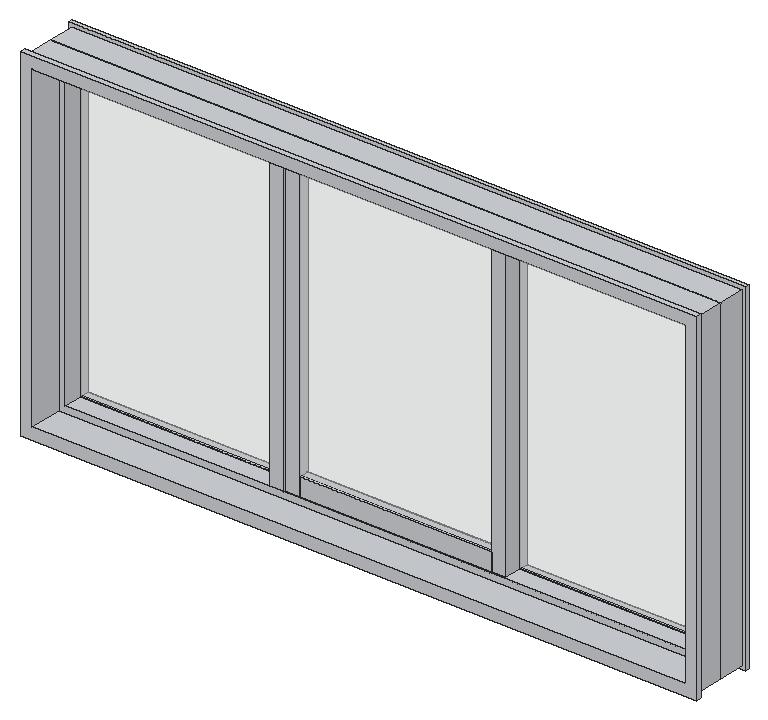
Revit family "APL Residential Thermal Heart Sliding Window FSF", category Windows, host Wall, Revit 2017 (continued)
Definition of nested family "APL Residential Thermal Heart Sliding Window FSF Vertical Section"
  Definition of nested family "Two Panel Sill"
    Dimensions and locks
      locked: nested 3 to nested 1 at 17.5
      locked: nested 3 to nested 2 at 3.06
    Nested families
      nested 1: "65596_Track" at (9.171, 14.2, 0), type "65596_Track", in view "Ref. Level"
      nested 2: "65380_Frame Sill" at (-87.029, 0, 0), type "65380_Frame Sill", in view "Ref. Level"
      nested 3: "65460_Door Top And Window Rail" at (-13.589, 105.5, 0), type "65460_Door Top And Window Rail", in view "Ref. Level"
    Definition of nested family "65596_Track"
      Reference planes
        plane 1 "Center (Front/Back)": y = 0
        plane 2: z = 0
        plane 3 "Center (Left/Right)": x = 0
      Lines and regions (mm)
        detail lines, in view "Ref. Level"
          curve 1: arc (-1.2, 1.8, 0) -> (-1.059, 1.859, 0) -> (-1, 2, 0) r 0.2
          curve 2: arc (-1, 22.438, 0) -> (-1.623, 23.888, 0) -> (-3.105, 24.435, 0) r 2
          curve 3: arc (-17.186, 23.697, 0) -> (-17.523, 23.542, 0) -> (-17.66, 23.198, 0) r 0.5
          curve 4: arc (-17.66, 18.846, 0) -> (-18.14, 16.435, 0) -> (-19.505, 14.392, 0) r 6.3
          curve 5: arc (-21.85, 12.046, 0) -> (-22.77, 12.046, 0) -> (-22.77, 12.966, 0) r 0.65
          curve 6: arc (-20.424, 15.311, 0) -> (-19.341, 16.933, 0) -> (-18.96, 18.846, 0) r 5
          curve 7: arc (-18.96, 24.932, 0) -> (-18.823, 25.276, 0) -> (-18.486, 25.431, 0) r 0.5
          curve 8: arc (-2.589, 26.264, 0) -> (-2.456, 26.325, 0) -> (-2.399, 26.459, 0) r 0.2
          curve 9: arc (-2.399, 26.459, 0) -> (0, 28.8, 0) -> (2.399, 26.459, 0) r 2.4
          curve 10: arc (2.399, 26.459, 0) -> (2.456, 26.325, 0) -> (2.589, 26.264, 0) r 0.2
          curve 11: arc (6.566, 26.056, 0) -> (6.903, 25.901, 0) -> (7.04, 25.557, 0) r 0.5
          curve 12: arc (7.04, 18.846, 0) -> (7.421, 16.933, 0) -> (8.504, 15.311, 0) r 5
          curve 13: arc (10.85, 12.966, 0) -> (10.85, 12.046, 0) -> (9.93, 12.046, 0) r 0.65
          curve 14: arc (7.585, 14.392, 0) -> (6.22, 16.435, 0) -> (5.74, 18.846, 0) r 6.3
          curve 15: arc (5.74, 23.822, 0) -> (5.603, 24.166, 0) -> (5.266, 24.322, 0) r 0.5
          curve 16: arc (3.105, 24.435, 0) -> (1.623, 23.888, 0) -> (1, 22.438, 0) r 2
          curve 17: arc (1, 2, 0) -> (1.059, 1.859, 0) -> (1.2, 1.8, 0) r 0.2
          curve 18: arc (10.59, 0, 0) -> (10.449, 0.059, 0) -> (10.39, 0.2, 0) r 0.2
          curve 19: arc (10.39, 1.6, 0) -> (10.331, 1.741, 0) -> (10.19, 1.8, 0) r 0.2
          curve 20: arc (-8.81, 1.8, 0) -> (-8.951, 1.741, 0) -> (-9.01, 1.6, 0) r 0.2
          curve 21: arc (-9.01, -1.3, 0) -> (-8.951, -1.441, 0) -> (-8.81, -1.5, 0) r 0.2
          curve 22: arc (-7.41, -1.5, 0) -> (-7.269, -1.441, 0) -> (-7.21, -1.3, 0) r 0.2
          curve 23: arc (-7.21, -0.2, 0) -> (-7.151, -0.059, 0) -> (-7.01, 0, 0) r 0.2
          curve 24: arc (8.715, 0, 0) -> (9.001, -0.089, 0) -> (9.185, -0.325, 0) r 0.5
          curve 25: arc (9.185, -0.325, 0) -> (9.735, -1.032, 0) -> (10.59, -1.3, 0) r 1.5
          curve 26: arc (11.89, -1.3, 0) -> (12.597, -1.007, 0) -> (12.89, -0.3, 0) r 1
          curve 27: arc (12.89, -0.2, 0) -> (12.831, -0.059, 0) -> (12.69, 0, 0) r 0.2
          curve 28: line (1, 6.8, 0) -> (-1, 6.8, 0)
          curve 29: line (-1, 2, 0) -> (-1, 22.438, 0)
          curve 30: line (-3.105, 24.435, 0) -> (-17.186, 23.697, 0)
          curve 31: line (-17.66, 23.198, 0) -> (-17.66, 18.846, 0)
          curve 32: line (-19.505, 14.392, 0) -> (-21.85, 12.046, 0)
          curve 33: line (-22.77, 12.966, 0) -> (-20.424, 15.311, 0)
          curve 34: line (-18.96, 18.846, 0) -> (-18.96, 24.932, 0)
          curve 35: line (-18.486, 25.431, 0) -> (-2.589, 26.264, 0)
          curve 36: line (2.589, 26.264, 0) -> (6.566, 26.056, 0)
          curve 37: line (7.04, 25.557, 0) -> (7.04, 18.846, 0)
          curve 38: line (8.504, 15.311, 0) -> (10.85, 12.966, 0)
          curve 39: line (9.93, 12.046, 0) -> (7.585, 14.392, 0)
          curve 40: line (5.74, 18.846, 0) -> (5.74, 23.822, 0)
          curve 41: line (5.266, 24.322, 0) -> (3.105, 24.435, 0)
          curve 42: line (1, 22.438, 0) -> (1, 2, 0)
          curve 43: line (10.39, 0.2, 0) -> (10.39, 1.6, 0)
          curve 44: line (10.19, 1.8, 0) -> (-8.81, 1.8, 0)
          curve 45: line (-9.01, 1.6, 0) -> (-9.01, -1.3, 0)
          curve 46: line (-8.81, -1.5, 0) -> (-7.41, -1.5, 0)
          curve 47: line (-7.21, -1.3, 0) -> (-7.21, -0.2, 0)
          curve 48: line (-7.01, 0, 0) -> (8.715, 0, 0)
          curve 49: line (10.59, -1.3, 0) -> (11.89, -1.3, 0)
          curve 50: line (12.69, 0, 0) -> (10.59, 0, 0)
      Text (mm)
        text "65596" at (20.379, 15.04, 0), in view "Ref. Level"
    Definition of nested family "65380_Frame Sill"
      Reference planes
        plane 1 "Center (Front/Back)": y = 0
        plane 2: z = 0
        plane 3 "Center (Left/Right)": x = 0
      Lines and regions (mm)
        detail lines, in view "Ref. Level"
          curve 1: line (64.2, 16.468, 0) -> (65.701, 16.468, 0)
          curve 2: line (64.2, 22.468, 0) -> (65.7, 22.468, 0)
          curve 3: line (27.5, 8.7, 0) -> (29.442, 8.7, 0)
          curve 4: line (27.5, 14.7, 0) -> (29.4, 14.7, 0)
          curve 5: line (13.3, 8.6, 0) -> (15.2, 8.6, 0)
          curve 6: line (13.3, 14.6, 0) -> (15.2, 14.6, 0)
          curve 7: arc (10.8, 6.498, 0) -> (11.356, 7.843, 0) -> (12.7, 8.4, 0) r 1.9
          curve 8: arc (13.1, 8.4, 0) -> (13.241, 8.459, 0) -> (13.3, 8.6, 0) r 0.2
          curve 9: arc (13.3, 15.4, 0) -> (13.241, 15.542, 0) -> (13.1, 15.6, 0) r 0.2
          curve 10: arc (11, 15.6, 0) -> (10.859, 15.659, 0) -> (10.8, 15.8, 0) r 0.2
          curve 11: arc (10.8, 16.283, 0) -> (10.741, 16.425, 0) -> (10.6, 16.483, 0) r 0.2
          curve 12: arc (1.9, 16.483, 0) -> (1.546, 16.337, 0) -> (1.4, 15.983, 0) r 0.5
          curve 13: arc (1.4, 2.245, 0) -> (1.521, 1.632, 0) -> (1.869, 1.111, 0) r 1.6
          curve 14: arc (6.387, -3.407, 0) -> (6.711, -3.624, 0) -> (7.094, -3.7, 0) r 1
          curve 15: arc (9.8, -3.7, 0) -> (10.507, -3.407, 0) -> (10.8, -2.7, 0) r 1
          curve 16: arc (1.665, 23.622, 0) -> (1.729, 23.522, 0) -> (1.725, 23.403, 0) r 0.2
          curve 17: arc (1.725, 23.403, 0) -> (1.621, 23.234, 0) -> (1.453, 23.127, 0) r 0.45
          curve 18: arc (1.453, 23.127, 0) -> (1.357, 23.053, 0) -> (1.322, 22.936, 0) r 0.2
          curve 19: arc (1.379, 18.081, 0) -> (1.438, 17.941, 0) -> (1.579, 17.883, 0) r 0.2
          curve 20: arc (10.6, 17.883, 0) -> (10.741, 17.942, 0) -> (10.8, 18.083, 0) r 0.2
          curve 21: arc (10.8, 22.172, 0) -> (10.773, 22.272, 0) -> (10.7, 22.346, 0) r 0.2
          curve 22: arc (9.6, 22.981, 0) -> (9.38, 23.2, 0) -> (9.3, 23.5, 0) r 0.6
          curve 23: arc (9.3, 23.8, 0) -> (9.359, 23.942, 0) -> (9.5, 24, 0) r 0.2
          curve 24: arc (13.617, 24, 0) -> (13.922, 23.801, 0) -> (14.195, 24.043, 0) r 0.3
          curve 25: arc (14.195, 24.043, 0) -> (14.261, 24.181, 0) -> (14.387, 24.269, 0) r 0.3
          curve 26: arc (15.797, 24.782, 0) -> (16.083, 24.738, 0) -> (16.199, 24.474, 0) r 0.3
          curve 27: arc (15.992, 22.109, 0) -> (15.965, 22.008, 0) -> (15.905, 21.923, 0) r 0.3
          curve 28: arc (15.541, 21.559, 0) -> (15.348, 21.507, 0) -> (15.207, 21.648, 0) r 0.2
          curve 29: arc (15.162, 21.816, 0) -> (15.11, 21.905, 0) -> (15.021, 21.957, 0) r 0.2
          curve 30: arc (12.8, 22.5, 0) -> (12.52, 22.307, 0) -> (12.6, 21.977, 0) r 0.3
          curve 31: arc (12.6, 21.977, 0) -> (12.674, 21.875, 0) -> (12.7, 21.753, 0) r 0.3
          curve 32: arc (12.506, 17.75, 0) -> (12.542, 17.578, 0) -> (12.7, 17.5, 0) r 0.2
          curve 33: arc (13.221, 17.5, 0) -> (13.302, 17.511, 0) -> (13.377, 17.544, 0) r 0.3
          curve 34: arc (14.631, 18.309, 0) -> (14.628, 18.479, 0) -> (14.734, 18.611, 0) r 0.25
          curve 35: arc (14.82, 18.664, 0) -> (15.072, 18.668, 0) -> (15.2, 18.45, 0) r 0.25
          curve 36: arc (15.2, 8.6, 0) -> (15.259, 8.459, 0) -> (15.4, 8.4, 0) r 0.2
          curve 37: arc (16.479, 8.4, 0) -> (16.643, 8.315, 0) -> (16.667, 8.132, 0) r 0.2
          curve 38: arc (15.775, 5.682, 0) -> (15.702, 5.586, 0) -> (15.587, 5.55, 0) r 0.2
          curve 39: arc (15.353, 5.55, 0) -> (15.248, 5.52, 0) -> (15.174, 5.439, 0) r 0.2
          curve 40: arc (15.174, 5.439, 0) -> (15.019, 5.31, 0) -> (14.82, 5.337, 0) r 0.25
          curve 41: arc (14.734, 5.389, 0) -> (14.628, 5.521, 0) -> (14.631, 5.691, 0) r 0.25
          curve 42: arc (13.377, 6.456, 0) -> (13.302, 6.489, 0) -> (13.221, 6.5, 0) r 0.3
          curve 43: arc (12.7, 6.5, 0) -> (12.542, 6.423, 0) -> (12.506, 6.25, 0) r 0.2
          curve 44: arc (12.7, 2.247, 0) -> (12.674, 2.125, 0) -> (12.6, 2.024, 0) r 0.3
          curve 45: arc (12.6, 2.024, 0) -> (12.52, 1.693, 0) -> (12.8, 1.5, 0) r 0.3
          curve 46: arc (15.021, 2.043, 0) -> (15.11, 2.095, 0) -> (15.162, 2.185, 0) r 0.2
          curve 47: arc (15.207, 2.352, 0) -> (15.348, 2.493, 0) -> (15.541, 2.442, 0) r 0.2
          curve 48: arc (15.905, 2.078, 0) -> (15.965, 1.993, 0) -> (15.992, 1.892, 0) r 0.3
          curve 49: arc (16.199, -0.474, 0) -> (16.083, -0.738, 0) -> (15.797, -0.782, 0) r 0.3
          curve 50: arc (14.387, -0.268, 0) -> (14.261, -0.181, 0) -> (14.195, -0.043, 0) r 0.3
          curve 51: arc (14.195, -0.043, 0) -> (13.922, 0.199, 0) -> (13.617, 0, 0) r 0.3
          curve 52: arc (12.6, 0, 0) -> (12.459, -0.058, 0) -> (12.4, -0.2, 0) r 0.2
          curve 53: arc (12.4, -2.696, 0) -> (11.64, -4.537, 0) -> (9.8, -5.3, 0) r 2.6
          curve 54: arc (7.9, -5.3, 0) -> (7.547, -5.446, 0) -> (7.4, -5.8, 0) r 0.5
          curve 55: arc (7.4, -13.402, 0) -> (7.508, -13.581, 0) -> (7.716, -13.566, 0) r 0.2
          curve 56: arc (7.716, -13.566, 0) -> (8.721, -13.692, 0) -> (8.684, -14.705, 0) r 0.75
          curve 57: arc (8.684, -14.705, 0) -> (8.15, -16.005, 0) -> (8.684, -17.305, 0) r 1.85
          curve 58: arc (8.684, -17.305, 0) -> (8.794, -17.447, 0) -> (8.867, -17.611, 0) r 0.75
          curve 59: arc (8.867, -17.611, 0) -> (8.97, -17.795, 0) -> (9.14, -17.921, 0) r 0.5
          curve 60: arc (9.14, -17.921, 0) -> (10, -18.105, 0) -> (10.86, -17.921, 0) r 2.1
          curve 61: arc (10.86, -17.921, 0) -> (11.03, -17.795, 0) -> (11.133, -17.611, 0) r 0.5
          curve 62: arc (11.133, -17.611, 0) -> (11.206, -17.447, 0) -> (11.316, -17.305, 0) r 0.75
          curve 63: arc (11.316, -17.305, 0) -> (11.85, -16.005, 0) -> (11.316, -14.705, 0) r 1.85
          curve 64: arc (11.316, -14.705, 0) -> (11.323, -13.644, 0) -> (12.384, -13.651, 0) r 0.75
          curve 65: arc (12.384, -13.651, 0) -> (13.348, -15.881, 0) -> (12.551, -18.176, 0) r 3.35
          curve 66: arc (12.551, -18.176, 0) -> (12.478, -18.71, 0) -> (12.932, -19, 0) r 0.5
          curve 67: arc (13.15, -19, 0) -> (13.291, -19.058, 0) -> (13.35, -19.2, 0) r 0.2
          curve 68: arc (13.35, -19.5, 0) -> (13.204, -19.853, 0) -> (12.85, -20, 0) r 0.5
          curve 69: arc (7, -20, 0) -> (6.293, -19.707, 0) -> (6, -19, 0) r 1
          curve 70: arc (6, -6.242, 0) -> (5.772, -5.094, 0) -> (5.121, -4.121, 0) r 3
          curve 71: arc (0.879, 0.122, 0) -> (0.228, 1.095, 0) -> (0, 2.243, 0) r 3
          curve 72: arc (0, 23.8, 0) -> (0.059, 23.942, 0) -> (0.2, 24, 0) r 0.2
          curve 73: line (10.8, -2.7, 0) -> (10.8, 6.498, 0)
          curve 74: line (12.7, 8.4, 0) -> (13.1, 8.4, 0)
          curve 75: line (13.1, 15.6, 0) -> (11, 15.6, 0)
          curve 76: line (10.8, 15.8, 0) -> (10.8, 16.283, 0)
          curve 77: line (10.6, 16.483, 0) -> (1.9, 16.483, 0)
          curve 78: line (1.4, 15.983, 0) -> (1.4, 2.245, 0)
          curve 79: line (1.869, 1.111, 0) -> (6.387, -3.407, 0)
          curve 80: line (7.094, -3.7, 0) -> (9.8, -3.7, 0)
          curve 81: line (1.322, 22.936, 0) -> (1.379, 18.081, 0)
          curve 82: line (1.579, 17.883, 0) -> (10.6, 17.883, 0)
          curve 83: line (10.8, 18.083, 0) -> (10.8, 22.172, 0)
          curve 84: line (10.7, 22.346, 0) -> (9.6, 22.981, 0)
          curve 85: line (9.3, 23.5, 0) -> (9.3, 23.8, 0)
          curve 86: line (9.5, 24, 0) -> (13.617, 24, 0)
          curve 87: line (14.387, 24.269, 0) -> (15.797, 24.782, 0)
          curve 88: line (16.199, 24.474, 0) -> (15.992, 22.109, 0)
          curve 89: line (15.905, 21.923, 0) -> (15.541, 21.559, 0)
          curve 90: line (15.207, 21.648, 0) -> (15.162, 21.816, 0)
          curve 91: line (15.021, 21.957, 0) -> (13.032, 22.49, 0)
          curve 92: line (12.7, 21.753, 0) -> (12.7, 18.526, 0)
          curve 93: line (12.7, 18.5, 0) -> (12.506, 17.75, 0)
          curve 94: line (12.7, 17.5, 0) -> (13.221, 17.5, 0)
          curve 95: line (13.377, 17.544, 0) -> (14.631, 18.309, 0)
          curve 96: line (15.2, 18.45, 0) -> (15.2, 16.875, 0)
          curve 97: line (15.2, 16.875, 0) -> (15.2, 8.6, 0)
          curve 98: line (15.2, 8.6, 0) -> (13.3, 8.6, 0)
          curve 99: line (13.3, 8.6, 0) -> (13.3, 15.4, 0)
          curve 100: line (15.4, 8.4, 0) -> (16.479, 8.4, 0)
          curve 101: line (16.667, 8.132, 0) -> (15.775, 5.682, 0)
          curve 102: line (15.587, 5.55, 0) -> (15.353, 5.55, 0)
          curve 103: line (14.631, 5.691, 0) -> (13.377, 6.456, 0)
          curve 104: line (13.221, 6.5, 0) -> (12.7, 6.5, 0)
          curve 105: line (12.506, 6.25, 0) -> (12.7, 5.5, 0)
          curve 106: line (12.7, 5.475, 0) -> (12.7, 2.247, 0)
          curve 107: line (13.032, 1.51, 0) -> (15.021, 2.043, 0)
          curve 108: line (15.162, 2.185, 0) -> (15.207, 2.352, 0)
          curve 109: line (15.541, 2.442, 0) -> (15.905, 2.078, 0)
          curve 110: line (15.992, 1.892, 0) -> (16.199, -0.474, 0)
          curve 111: line (15.797, -0.782, 0) -> (14.387, -0.268, 0)
          curve 112: line (13.617, 0, 0) -> (12.6, 0, 0)
          curve 113: line (12.4, -0.2, 0) -> (12.4, -2.696, 0)
          curve 114: line (9.8, -5.3, 0) -> (7.9, -5.3, 0)
          curve 115: line (7.4, -5.8, 0) -> (7.4, -13.402, 0)
          curve 116: line (12.932, -19, 0) -> (13.15, -19, 0)
          curve 117: line (13.35, -19.2, 0) -> (13.35, -19.5, 0)
          curve 118: line (12.85, -20, 0) -> (7, -20, 0)
          curve 119: line (6, -19, 0) -> (6, -6.242, 0)
          curve 120: line (5.121, -4.121, 0) -> (0.879, 0.122, 0)
          curve 121: line (0, 2.243, 0) -> (0, 23.8, 0)
          curve 122: line (0.2, 24, 0) -> (1.141, 24, 0)
          curve 123: line (1.269, 23.953, 0) -> (1.665, 23.622, 0)
          curve 124: line (13.3, 14.6, 0) -> (15.2, 14.6, 0)
          curve 125: arc (64.2, 16.468, 0) -> (64.076, 16.138, 0) -> (63.765, 15.972, 0) r 0.5
          curve 126: arc (63.765, 15.972, 0) -> (62.349, 15.442, 0) -> (61.309, 14.343, 0) r 3.35
          curve 127: arc (61.309, 14.343, 0) -> (61.577, 13.317, 0) -> (62.604, 13.585, 0) r 0.75
          curve 128: arc (62.604, 13.585, 0) -> (63.721, 14.437, 0) -> (65.115, 14.258, 0) r 1.85
          curve 129: arc (65.115, 14.258, 0) -> (65.281, 14.189, 0) -> (65.459, 14.161, 0) r 0.75
          curve 130: arc (65.459, 14.161, 0) -> (65.663, 14.108, 0) -> (65.828, 13.977, 0) r 0.5
          curve 131: arc (65.828, 13.977, 0) -> (66.3, 12.65, 0) -> (65.828, 11.324, 0) r 2.1
          curve 132: arc (65.828, 11.324, 0) -> (65.663, 11.192, 0) -> (65.459, 11.14, 0) r 0.5
          curve 133: arc (65.459, 11.14, 0) -> (65.281, 11.112, 0) -> (65.115, 11.042, 0) r 0.75
          curve 134: arc (65.115, 11.042, 0) -> (64.2, 10.8, 0) -> (63.285, 11.042, 0) r 1.85
          curve 135: arc (63.285, 11.042, 0) -> (62.738, 11.119, 0) -> (62.286, 10.8, 0) r 0.75
          curve 136: arc (39.189, 9.622, 0) -> (38.199, 9.316, 0) -> (37.363, 8.704, 0) r 3.126
          curve 137: arc (37.363, 8.704, 0) -> (37.013, 8.479, 0) -> (36.605, 8.4, 0) r 1.1
          curve 138: arc (29.901, 8.4, 0) -> (29.547, 8.546, 0) -> (29.4, 8.9, 0) r 0.5
          curve 139: arc (29.4, 22, 0) -> (29.546, 22.354, 0) -> (29.9, 22.5, 0) r 0.5
          curve 140: arc (44.4, 22.5, 0) -> (45.602, 22.998, 0) -> (46.1, 24.2, 0) r 1.7
          curve 141: arc (46.147, 35.534, 0) -> (46.409, 35.986, 0) -> (46.5, 36.5, 0) r 1.5
          curve 142: arc (46.5, 41.1, 0) -> (46.646, 41.454, 0) -> (47, 41.6, 0) r 0.5
          curve 143: arc (65.699, 41.6, 0) -> (66.053, 41.454, 0) -> (66.2, 41.1, 0) r 0.5
          curve 144: arc (66.2, 32, 0) -> (65.978, 30.526, 0) -> (65.33, 29.183, 0) r 5
          curve 145: arc (65.33, 29.183, 0) -> (64.489, 27.436, 0) -> (64.2, 25.519, 0) r 6.5
          curve 146: arc (27.317, 8.501, 0) -> (27.447, 8.565, 0) -> (27.5, 8.7, 0) r 0.2
          curve 147: arc (23.754, 8.189, 0) -> (23.602, 8.097, 0) -> (23.583, 7.922, 0) r 0.2
          curve 148: arc (24.399, 5.679, 0) -> (24.668, 5.392, 0) -> (25.06, 5.388, 0) r 0.5
          curve 149: arc (25.06, 5.388, 0) -> (25.211, 5.303, 0) -> (25.38, 5.337, 0) r 0.25
          curve 150: arc (25.466, 5.389, 0) -> (25.572, 5.521, 0) -> (25.569, 5.691, 0) r 0.25
          curve 151: arc (26.823, 6.456, 0) -> (26.898, 6.489, 0) -> (26.979, 6.5, 0) r 0.3
          curve 152: arc (27.5, 6.5, 0) -> (27.658, 6.423, 0) -> (27.694, 6.25, 0) r 0.2
          curve 153: arc (27.5, 2.247, 0) -> (27.526, 2.125, 0) -> (27.6, 2.024, 0) r 0.3
          curve 154: arc (27.6, 2.024, 0) -> (27.68, 1.693, 0) -> (27.4, 1.5, 0) r 0.3
          curve 155: arc (25.179, 2.043, 0) -> (25.09, 2.095, 0) -> (25.038, 2.185, 0) r 0.2
          curve 156: arc (24.993, 2.352, 0) -> (24.852, 2.493, 0) -> (24.659, 2.442, 0) r 0.2
          curve 157: arc (24.295, 2.078, 0) -> (24.235, 1.993, 0) -> (24.208, 1.892, 0) r 0.3
          curve 158: arc (24.001, -0.474, 0) -> (24.117, -0.738, 0) -> (24.403, -0.782, 0) r 0.3
          curve 159: arc (25.813, -0.268, 0) -> (25.939, -0.181, 0) -> (26.005, -0.043, 0) r 0.3
          curve 160: arc (26.005, -0.043, 0) -> (26.278, 0.199, 0) -> (26.583, 0, 0) r 0.3
          curve 161: arc (28.9, 0, 0) -> (29.254, 0.147, 0) -> (29.4, 0.5, 0) r 0.5
          curve 162: arc (29.4, 6.1, 0) -> (29.546, 6.454, 0) -> (29.9, 6.6, 0) r 0.499
          curve 163: arc (37.767, 6.6, 0) -> (38.931, 6.835, 0) -> (39.913, 7.503, 0) r 2.996
          curve 164: arc (39.913, 7.503, 0) -> (40.232, 7.731, 0) -> (40.611, 7.831, 0) r 1.1
          curve 165: arc (68.1, 8.9, 0) -> (68.241, 8.842, 0) -> (68.3, 8.7, 0) r 0.2
          curve 166: arc (68.3, 0.5, 0) -> (68.446, 0.147, 0) -> (68.8, 0, 0) r 0.5
          curve 167: arc (71.117, 0, 0) -> (71.422, 0.199, 0) -> (71.695, -0.043, 0) r 0.3
          curve 168: arc (71.695, -0.043, 0) -> (71.761, -0.181, 0) -> (71.887, -0.268, 0) r 0.3
          curve 169: arc (73.297, -0.782, 0) -> (73.583, -0.738, 0) -> (73.699, -0.474, 0) r 0.3
          curve 170: arc (73.492, 1.892, 0) -> (73.465, 1.993, 0) -> (73.405, 2.078, 0) r 0.3
          curve 171: arc (73.041, 2.442, 0) -> (72.848, 2.493, 0) -> (72.707, 2.352, 0) r 0.2
          curve 172: arc (72.662, 2.185, 0) -> (72.61, 2.095, 0) -> (72.521, 2.043, 0) r 0.2
          curve 173: arc (70.3, 1.5, 0) -> (70.02, 1.693, 0) -> (70.1, 2.024, 0) r 0.3
          curve 174: arc (70.1, 2.024, 0) -> (70.174, 2.125, 0) -> (70.2, 2.247, 0) r 0.3
          curve 175: arc (70.006, 6.25, 0) -> (70.042, 6.423, 0) -> (70.2, 6.5, 0) r 0.2
          curve 176: arc (70.721, 6.5, 0) -> (70.802, 6.489, 0) -> (70.877, 6.456, 0) r 0.3
          curve 177: arc (72.131, 5.691, 0) -> (72.128, 5.521, 0) -> (72.234, 5.389, 0) r 0.25
          curve 178: arc (72.32, 5.337, 0) -> (72.572, 5.332, 0) -> (72.7, 5.55, 0) r 0.25
          curve 179: arc (72.7, 7.124, 0) -> (72.618, 7.522, 0) -> (72.385, 7.854, 0) r 1
          curve 180: arc (72.385, 7.854, 0) -> (72.322, 8, 0) -> (72.385, 8.146, 0) r 0.2
          curve 181: arc (72.385, 8.146, 0) -> (72.618, 8.478, 0) -> (72.7, 8.875, 0) r 1
          curve 182: arc (72.7, 10.449, 0) -> (72.573, 10.668, 0) -> (72.32, 10.664, 0) r 0.25
          curve 183: arc (72.234, 10.612, 0) -> (72.128, 10.479, 0) -> (72.131, 10.309, 0) r 0.25
          curve 184: arc (70.877, 9.544, 0) -> (70.802, 9.511, 0) -> (70.721, 9.5, 0) r 0.3
          curve 185: arc (70.2, 9.5, 0) -> (70.042, 9.578, 0) -> (70.006, 9.75, 0) r 0.2
          curve 186: arc (70.2, 13.754, 0) -> (70.174, 13.876, 0) -> (70.1, 13.977, 0) r 0.3
          curve 187: arc (70.1, 13.977, 0) -> (70.02, 14.307, 0) -> (70.3, 14.5, 0) r 0.3
          curve 188: arc (72.521, 13.957, 0) -> (72.61, 13.905, 0) -> (72.662, 13.816, 0) r 0.2
          curve 189: arc (72.707, 13.648, 0) -> (72.848, 13.507, 0) -> (73.041, 13.559, 0) r 0.2
          curve 190: arc (73.405, 13.923, 0) -> (73.465, 14.008, 0) -> (73.492, 14.109, 0) r 0.3
          curve 191: arc (73.699, 16.474, 0) -> (73.583, 16.738, 0) -> (73.297, 16.782, 0) r 0.3
          curve 192: arc (71.887, 16.269, 0) -> (71.761, 16.181, 0) -> (71.695, 16.043, 0) r 0.3
          curve 193: arc (71.695, 16.043, 0) -> (71.422, 15.801, 0) -> (71.117, 16, 0) r 0.3
          curve 194: arc (66.201, 16, 0) -> (65.847, 16.146, 0) -> (65.7, 16.5, 0) r 0.5
          curve 195: arc (65.7, 25.519, 0) -> (65.922, 26.994, 0) -> (66.57, 28.337, 0) r 5
          curve 196: arc (66.57, 28.337, 0) -> (67.411, 30.083, 0) -> (67.7, 32, 0) r 6.5
          curve 197: arc (67.7, 33.1, 0) -> (67.759, 33.242, 0) -> (67.9, 33.3, 0) r 0.2
          curve 198: arc (69.3, 33.3, 0) -> (69.441, 33.242, 0) -> (69.5, 33.1, 0) r 0.2
          curve 199: arc (69.5, 32.8, 0) -> (70, 32.299, 0) -> (70.5, 32.8, 0) r 0.5
          curve 200: arc (70.5, 35.351, 0) -> (69.999, 35.85, 0) -> (69.5, 35.35, 0) r 0.5
          curve 201: arc (69.5, 34.5, 0) -> (69.441, 34.359, 0) -> (69.3, 34.3, 0) r 0.2
          curve 202: arc (67.9, 34.3, 0) -> (67.759, 34.359, 0) -> (67.7, 34.5, 0) r 0.2
          curve 203: arc (67.7, 41.8, 0) -> (67.759, 41.942, 0) -> (67.9, 42, 0) r 0.2
          curve 204: arc (69.3, 42, 0) -> (69.441, 41.942, 0) -> (69.5, 41.8, 0) r 0.2
          curve 205: arc (69.5, 40.95, 0) -> (70, 40.449, 0) -> (70.5, 40.95, 0) r 0.5
          curve 206: arc (70.5, 42.499, 0) -> (70.354, 42.853, 0) -> (70, 43, 0) r 0.5
          curve 207: arc (42.7, 43, 0) -> (42.559, 42.942, 0) -> (42.5, 42.8, 0) r 0.2
          curve 208: arc (42.5, 41.25, 0) -> (43, 40.75, 0) -> (43.5, 41.25, 0) r 0.5
          curve 209: arc (43.5, 41.8, 0) -> (43.559, 41.942, 0) -> (43.7, 42, 0) r 0.2
          curve 210: arc (44.8, 42, 0) -> (44.941, 41.942, 0) -> (45, 41.8, 0) r 0.2
          curve 211: arc (45, 36.7, 0) -> (44.941, 36.559, 0) -> (44.8, 36.5, 0) r 0.2
          curve 212: arc (43.7, 36.5, 0) -> (43.559, 36.559, 0) -> (43.5, 36.7, 0) r 0.2
          curve 213: arc (43.5, 37.25, 0) -> (43, 37.749, 0) -> (42.5, 37.25, 0) r 0.5
          curve 214: arc (42.5, 36.5, 0) -> (42.793, 35.793, 0) -> (43.5, 35.5, 0) r 1
          curve 215: arc (44.395, 35.5, 0) -> (44.539, 35.443, 0) -> (44.6, 35.3, 0) r 0.202
          curve 216: arc (44.6, 24.2, 0) -> (44.538, 24.058, 0) -> (44.395, 24, 0) r 0.205
          curve 217: arc (26.583, 24, 0) -> (26.278, 23.801, 0) -> (26.005, 24.043, 0) r 0.3
          curve 218: arc (26.005, 24.043, 0) -> (25.939, 24.181, 0) -> (25.813, 24.269, 0) r 0.3
          curve 219: arc (24.403, 24.782, 0) -> (24.117, 24.738, 0) -> (24.001, 24.474, 0) r 0.3
          curve 220: arc (24.208, 22.109, 0) -> (24.235, 22.008, 0) -> (24.295, 21.923, 0) r 0.3
          curve 221: arc (24.659, 21.559, 0) -> (24.852, 21.507, 0) -> (24.993, 21.648, 0) r 0.2
          curve 222: arc (25.038, 21.816, 0) -> (25.09, 21.905, 0) -> (25.179, 21.957, 0) r 0.2
          curve 223: arc (27.4, 22.5, 0) -> (27.68, 22.307, 0) -> (27.6, 21.977, 0) r 0.3
          curve 224: arc (27.6, 21.977, 0) -> (27.526, 21.875, 0) -> (27.5, 21.753, 0) r 0.3
          curve 225: arc (27.694, 17.75, 0) -> (27.658, 17.578, 0) -> (27.5, 17.5, 0) r 0.2
          curve 226: arc (26.979, 17.5, 0) -> (26.898, 17.511, 0) -> (26.823, 17.544, 0) r 0.3
          curve 227: arc (25.569, 18.309, 0) -> (25.572, 18.479, 0) -> (25.466, 18.612, 0) r 0.25
          curve 228: arc (25.38, 18.664, 0) -> (25.128, 18.668, 0) -> (25, 18.45, 0) r 0.25
          curve 229: arc (25, 16.875, 0) -> (25.128, 16.385, 0) -> (25.479, 16.021, 0) r 1
          curve 230: line (64.2, 22.468, 0) -> (65.7, 22.468, 0)
          curve 231: line (62.286, 10.8, 0) -> (53.629, 10.8, 0)
          curve 232: line (53.629, 10.8, 0) -> (39.189, 9.622, 0)
          curve 233: line (36.605, 8.4, 0) -> (29.901, 8.4, 0)
          curve 234: line (29.4, 8.9, 0) -> (29.4, 22, 0)
          curve 235: line (29.9, 22.5, 0) -> (44.4, 22.5, 0)
          curve 236: line (46.1, 24.2, 0) -> (46.1, 35.405, 0)
          curve 237: line (46.5, 36.5, 0) -> (46.5, 41.1, 0)
          curve 238: line (47, 41.6, 0) -> (65.699, 41.6, 0)
          curve 239: line (66.2, 41.1, 0) -> (66.2, 32, 0)
          curve 240: line (64.2, 25.519, 0) -> (64.2, 16.468, 0)
          curve 241: line (64.2, 16.468, 0) -> (65.701, 16.468, 0)
          curve 242: line (27.5, 14.7, 0) -> (29.4, 14.7, 0)
          curve 243: line (27.317, 8.501, 0) -> (23.754, 8.189, 0)
          curve 244: line (23.583, 7.922, 0) -> (24.399, 5.679, 0)
          curve 245: line (25.569, 5.691, 0) -> (26.823, 6.456, 0)
          curve 246: line (26.979, 6.5, 0) -> (27.5, 6.5, 0)
          curve 247: line (27.694, 6.25, 0) -> (27.5, 5.5, 0)
          curve 248: line (27.5, 5.475, 0) -> (27.5, 2.247, 0)
          curve 249: line (27.168, 1.51, 0) -> (25.179, 2.043, 0)
          curve 250: line (25.038, 2.185, 0) -> (24.993, 2.352, 0)
          curve 251: line (24.659, 2.442, 0) -> (24.295, 2.078, 0)
          curve 252: line (24.208, 1.892, 0) -> (24.001, -0.474, 0)
          curve 253: line (24.403, -0.782, 0) -> (25.813, -0.268, 0)
          curve 254: line (26.583, 0, 0) -> (28.9, 0, 0)
          curve 255: line (29.4, 0.5, 0) -> (29.4, 6.1, 0)
          curve 256: line (29.9, 6.6, 0) -> (33.5, 6.6, 0)
          curve 257: line (33.5, 6.6, 0) -> (33.9, 7, 0)
          curve 258: line (33.9, 7, 0) -> (34.3, 6.6, 0)
          curve 259: line (34.3, 6.6, 0) -> (37.767, 6.6, 0)
          curve 260: line (40.611, 7.831, 0) -> (53.707, 8.9, 0)
          curve 261: line (53.707, 8.9, 0) -> (58.307, 8.9, 0)
          curve 262: line (58.307, 8.9, 0) -> (58.707, 9.3, 0)
          curve 263: line (58.707, 9.3, 0) -> (59.107, 8.9, 0)
          curve 264: line (59.107, 8.9, 0) -> (68.1, 8.9, 0)
          curve 265: line (68.3, 8.7, 0) -> (68.3, 0.5, 0)
          curve 266: line (68.8, 0, 0) -> (71.117, 0, 0)
          curve 267: line (71.887, -0.268, 0) -> (73.297, -0.782, 0)
          curve 268: line (73.699, -0.474, 0) -> (73.492, 1.892, 0)
          curve 269: line (73.405, 2.078, 0) -> (73.041, 2.442, 0)
          curve 270: line (72.707, 2.352, 0) -> (72.662, 2.185, 0)
          curve 271: line (72.521, 2.043, 0) -> (70.532, 1.51, 0)
          curve 272: line (70.2, 2.247, 0) -> (70.2, 5.475, 0)
          curve 273: line (70.2, 5.5, 0) -> (70.006, 6.25, 0)
          curve 274: line (70.2, 6.5, 0) -> (70.721, 6.5, 0)
          curve 275: line (70.877, 6.456, 0) -> (72.131, 5.691, 0)
          curve 276: line (72.7, 5.55, 0) -> (72.7, 7.124, 0)
          curve 277: line (72.7, 8.875, 0) -> (72.7, 10.449, 0)
          curve 278: line (72.131, 10.309, 0) -> (70.877, 9.544, 0)
          curve 279: line (70.721, 9.5, 0) -> (70.2, 9.5, 0)
          curve 280: line (70.006, 9.75, 0) -> (70.2, 10.5, 0)
          curve 281: line (70.2, 10.526, 0) -> (70.2, 13.753, 0)
          curve 282: line (70.532, 14.49, 0) -> (72.521, 13.957, 0)
          curve 283: line (72.662, 13.816, 0) -> (72.707, 13.648, 0)
          curve 284: line (73.041, 13.559, 0) -> (73.405, 13.923, 0)
          curve 285: line (73.492, 14.109, 0) -> (73.699, 16.474, 0)
          curve 286: line (73.297, 16.782, 0) -> (71.887, 16.269, 0)
          curve 287: line (71.117, 16, 0) -> (66.201, 16, 0)
          curve 288: line (65.7, 16.5, 0) -> (65.7, 25.519, 0)
          curve 289: line (67.7, 32, 0) -> (67.7, 33.1, 0)
          curve 290: line (67.9, 33.3, 0) -> (69.3, 33.3, 0)
          curve 291: line (69.5, 33.1, 0) -> (69.5, 32.8, 0)
          curve 292: line (70.5, 32.8, 0) -> (70.5, 35.351, 0)
          curve 293: line (69.5, 35.35, 0) -> (69.5, 34.5, 0)
          curve 294: line (69.3, 34.3, 0) -> (67.9, 34.3, 0)
          curve 295: line (67.7, 34.5, 0) -> (67.7, 41.8, 0)
          curve 296: line (67.9, 42, 0) -> (69.3, 42, 0)
          curve 297: line (69.5, 41.8, 0) -> (69.5, 40.95, 0)
          curve 298: line (70.5, 40.95, 0) -> (70.5, 42.499, 0)
          curve 299: line (70, 43, 0) -> (42.7, 43, 0)
          curve 300: line (42.5, 42.8, 0) -> (42.5, 41.25, 0)
          curve 301: line (43.5, 41.25, 0) -> (43.5, 41.8, 0)
          curve 302: line (43.7, 42, 0) -> (44.8, 42, 0)
          curve 303: line (45, 41.8, 0) -> (45, 36.7, 0)
          curve 304: line (44.8, 36.5, 0) -> (43.7, 36.5, 0)
          curve 305: line (43.5, 36.7, 0) -> (43.5, 37.25, 0)
          curve 306: line (42.5, 37.25, 0) -> (42.5, 36.5, 0)
          curve 307: line (43.5, 35.5, 0) -> (44.395, 35.5, 0)
          curve 308: line (44.6, 35.3, 0) -> (44.6, 24.2, 0)
          curve 309: line (44.395, 24, 0) -> (34.3, 24, 0)
          curve 310: line (34.3, 24, 0) -> (33.9, 23.6, 0)
          curve 311: line (33.9, 23.6, 0) -> (33.5, 24, 0)
          curve 312: line (33.5, 24, 0) -> (26.583, 24, 0)
          curve 313: line (25.813, 24.269, 0) -> (24.403, 24.782, 0)
          curve 314: line (24.001, 24.474, 0) -> (24.208, 22.109, 0)
          curve 315: line (24.295, 21.923, 0) -> (24.659, 21.559, 0)
          curve 316: line (24.993, 21.648, 0) -> (25.038, 21.816, 0)
          curve 317: line (25.179, 21.957, 0) -> (27.168, 22.49, 0)
          curve 318: line (27.5, 21.753, 0) -> (27.5, 18.526, 0)
          curve 319: line (27.5, 18.5, 0) -> (27.694, 17.75, 0)
          curve 320: line (27.5, 17.5, 0) -> (26.979, 17.5, 0)
          curve 321: line (26.823, 17.544, 0) -> (25.569, 18.309, 0)
          curve 322: line (25, 18.45, 0) -> (25, 16.875, 0)
          curve 323: line (25.479, 16.021, 0) -> (26.284, 15.53, 0)
          curve 324: line (26.389, 15.5, 0) -> (27.5, 15.5, 0)
          curve 325: line (27.5, 15.5, 0) -> (27.5, 8.7, 0)
          curve 326: line (27.5, 8.7, 0) -> (29.442, 8.7, 0)
          curve 327: arc (113.4, 35.877, 0) -> (113.327, 35.95, 0) -> (113.3, 36.05, 0) r 0.2
          curve 328: arc (113.3, 40.25, 0) -> (113.327, 40.35, 0) -> (113.4, 40.423, 0) r 0.2
          curve 329: arc (113.4, 40.423, 0) -> (113.473, 40.497, 0) -> (113.5, 40.597, 0) r 0.2
          curve 330: arc (113.5, 41.8, 0) -> (113.441, 41.942, 0) -> (113.3, 42, 0) r 0.2
          curve 331: arc (111.701, 42, 0) -> (111.559, 41.942, 0) -> (111.5, 41.8, 0) r 0.2
          curve 332: arc (111.5, 40.95, 0) -> (111, 40.451, 0) -> (110.5, 40.95, 0) r 0.5
          curve 333: arc (110.5, 42.5, 0) -> (110.646, 42.854, 0) -> (111, 43, 0) r 0.499
          curve 334: arc (114.5, 43, 0) -> (114.847, 42.848, 0) -> (115, 42.5, 0) r 0.523
          curve 335: arc (115, 21.5, 0) -> (114.856, 21.145, 0) -> (114.5, 21, 0) r 0.493
          curve 336: arc (111.7, 21, 0) -> (111.558, 20.942, 0) -> (111.5, 20.8, 0) r 0.199
          curve 337: arc (111.5, 13.2, 0) -> (110.852, 11.56, 0) -> (109.258, 10.805, 0) r 2.399
          curve 338: arc (109.258, 10.805, 0) -> (108.878, 10.589, 0) -> (108.814, 10.156, 0) r 0.5
          curve 339: arc (108.814, 10.156, 0) -> (109, 8.953, 0) -> (108.816, 7.75, 0) r 4
          curve 340: arc (108.816, 7.75, 0) -> (108.89, 7.304, 0) -> (109.293, 7.1, 0) r 0.5
          curve 341: arc (109.5, 7.1, 0) -> (110.914, 6.514, 0) -> (111.5, 5.1, 0) r 2.001
          curve 342: arc (120.75, 1.5, 0) -> (121.501, 0.747, 0) -> (120.745, 0, 0) r 0.75
          curve 343: arc (111.5, 0, 0) -> (110.439, 0.44, 0) -> (110, 1.5, 0) r 1.5
          curve 344: arc (110, 5, 0) -> (109.941, 5.142, 0) -> (109.8, 5.2, 0) r 0.2
          curve 345: arc (100.5, 5.2, 0) -> (100.146, 5.347, 0) -> (100, 5.7, 0) r 0.5
          curve 346: arc (100, 6.2, 0) -> (100.146, 6.554, 0) -> (100.5, 6.7, 0) r 0.5
          curve 347: arc (101.927, 6.7, 0) -> (102.266, 6.833, 0) -> (102.426, 7.16, 0) r 0.5
          curve 348: arc (102.426, 7.16, 0) -> (102.912, 7.803, 0) -> (103.7, 7.634, 0) r 0.75
          curve 349: arc (103.7, 7.634, 0) -> (105, 7.1, 0) -> (106.3, 7.634, 0) r 1.85
          curve 350: arc (106.3, 7.634, 0) -> (106.442, 7.744, 0) -> (106.607, 7.817, 0) r 0.75
          curve 351: arc (106.607, 7.817, 0) -> (106.791, 7.92, 0) -> (106.916, 8.09, 0) r 0.5
          curve 352: arc (106.916, 8.09, 0) -> (107.1, 8.95, 0) -> (106.916, 9.81, 0) r 2.1
          curve 353: arc (106.916, 9.81, 0) -> (106.791, 9.98, 0) -> (106.607, 10.083, 0) r 0.5
          curve 354: arc (106.607, 10.083, 0) -> (106.442, 10.156, 0) -> (106.3, 10.267, 0) r 0.75
          curve 355: arc (106.3, 10.267, 0) -> (105, 10.8, 0) -> (103.7, 10.267, 0) r 1.85
          curve 356: arc (103.7, 10.267, 0) -> (103.027, 10.065, 0) -> (102.482, 10.509, 0) r 0.75
          curve 357: arc (102.482, 10.509, 0) -> (102.32, 10.716, 0) -> (102.075, 10.812, 0) r 0.5
          curve 358: arc (102.075, 10.812, 0) -> (101.154, 11.141, 0) -> (100.481, 11.85, 0) r 2.1
          curve 359: arc (100.481, 11.85, 0) -> (100.298, 12.033, 0) -> (100.048, 12.1, 0) r 0.5
          curve 360: arc (91.556, 12.1, 0) -> (91.287, 12.022, 0) -> (91.103, 11.812, 0) r 0.5
          curve 361: arc (91.103, 11.812, 0) -> (90.328, 10.929, 0) -> (89.2, 10.6, 0) r 2.1
          curve 362: arc (87.9, 10.6, 0) -> (87.193, 10.307, 0) -> (86.9, 9.6, 0) r 1
          curve 363: arc (86.9, 0.5, 0) -> (86.754, 0.147, 0) -> (86.4, 0, 0) r 0.5
          curve 364: arc (84.083, 0, 0) -> (83.778, 0.199, 0) -> (83.505, -0.043, 0) r 0.3
          curve 365: arc (83.505, -0.043, 0) -> (83.439, -0.181, 0) -> (83.313, -0.268, 0) r 0.3
          curve 366: arc (81.903, -0.782, 0) -> (81.617, -0.738, 0) -> (81.501, -0.474, 0) r 0.3
          curve 367: arc (81.708, 1.892, 0) -> (81.735, 1.993, 0) -> (81.795, 2.078, 0) r 0.3
          curve 368: arc (82.159, 2.442, 0) -> (82.352, 2.493, 0) -> (82.493, 2.352, 0) r 0.2
          curve 369: arc (82.538, 2.185, 0) -> (82.59, 2.095, 0) -> (82.679, 2.043, 0) r 0.2
          curve 370: arc (84.9, 1.5, 0) -> (85.18, 1.693, 0) -> (85.1, 2.024, 0) r 0.3
          curve 371: arc (85.1, 2.024, 0) -> (85.026, 2.125, 0) -> (85, 2.247, 0) r 0.3
          curve 372: arc (85.194, 6.25, 0) -> (85.158, 6.423, 0) -> (85, 6.5, 0) r 0.2
          curve 373: arc (84.479, 6.5, 0) -> (84.398, 6.489, 0) -> (84.323, 6.456, 0) r 0.3
          curve 374: arc (83.069, 5.691, 0) -> (83.072, 5.521, 0) -> (82.966, 5.389, 0) r 0.25
          curve 375: arc (82.88, 5.337, 0) -> (82.628, 5.332, 0) -> (82.5, 5.55, 0) r 0.25
          curve 376: arc (82.5, 7.126, 0) -> (82.582, 7.523, 0) -> (82.815, 7.854, 0) r 1
          curve 377: arc (82.815, 7.854, 0) -> (82.878, 8, 0) -> (82.815, 8.146, 0) r 0.2
          curve 378: arc (82.815, 8.146, 0) -> (82.582, 8.478, 0) -> (82.5, 8.875, 0) r 1
          curve 379: arc (82.5, 10.45, 0) -> (82.628, 10.668, 0) -> (82.88, 10.664, 0) r 0.25
          curve 380: arc (82.966, 10.612, 0) -> (83.072, 10.479, 0) -> (83.069, 10.309, 0) r 0.25
          curve 381: arc (84.323, 9.544, 0) -> (84.398, 9.511, 0) -> (84.479, 9.5, 0) r 0.3
          curve 382: arc (85, 9.5, 0) -> (85.158, 9.578, 0) -> (85.194, 9.75, 0) r 0.2
          curve 383: arc (85, 13.753, 0) -> (85.026, 13.875, 0) -> (85.1, 13.977, 0) r 0.3
          curve 384: arc (85.1, 13.977, 0) -> (85.18, 14.307, 0) -> (84.9, 14.5, 0) r 0.3
          curve 385: arc (82.679, 13.957, 0) -> (82.59, 13.905, 0) -> (82.538, 13.816, 0) r 0.2
          curve 386: arc (82.493, 13.648, 0) -> (82.352, 13.507, 0) -> (82.159, 13.559, 0) r 0.2
          curve 387: arc (81.795, 13.923, 0) -> (81.735, 14.008, 0) -> (81.708, 14.109, 0) r 0.3
          curve 388: arc (81.501, 16.474, 0) -> (81.617, 16.738, 0) -> (81.903, 16.782, 0) r 0.3
          curve 389: arc (83.313, 16.269, 0) -> (83.439, 16.181, 0) -> (83.505, 16.043, 0) r 0.3
          curve 390: arc (83.505, 16.043, 0) -> (83.778, 15.801, 0) -> (84.083, 16, 0) r 0.3
          curve 391: arc (86.7, 16, 0) -> (86.841, 15.942, 0) -> (86.9, 15.8, 0) r 0.2
          curve 392: arc (86.9, 12.7, 0) -> (86.959, 12.559, 0) -> (87.1, 12.5, 0) r 0.2
          curve 393: arc (89.2, 12.5, 0) -> (89.341, 12.559, 0) -> (89.4, 12.7, 0) r 0.2
          curve 394: arc (89.4, 13.8, 0) -> (89.459, 13.942, 0) -> (89.6, 14, 0) r 0.2
          curve 395: arc (101.9, 14, 0) -> (102.042, 13.942, 0) -> (102.1, 13.8, 0) r 0.2
          curve 396: arc (102.1, 12.9, 0) -> (102.159, 12.759, 0) -> (102.3, 12.7, 0) r 0.2
          curve 397: arc (109.1, 12.7, 0) -> (109.454, 12.847, 0) -> (109.6, 13.2, 0) r 0.5
          curve 398: arc (109.6, 14.5, 0) -> (109.541, 14.642, 0) -> (109.4, 14.7, 0) r 0.2
          curve 399: arc (107.3, 14.7, 0) -> (107.159, 14.759, 0) -> (107.1, 14.9, 0) r 0.2
          curve 400: arc (107.1, 15.8, 0) -> (107.159, 15.942, 0) -> (107.3, 16, 0) r 0.2
          curve 401: arc (109.5, 16, 0) -> (109.854, 16.147, 0) -> (110, 16.5, 0) r 0.5
          curve 402: arc (110, 22.8, 0) -> (110.146, 23.154, 0) -> (110.5, 23.3, 0) r 0.5
          curve 403: arc (111.3, 23.3, 0) -> (111.441, 23.242, 0) -> (111.5, 23.1, 0) r 0.2
          curve 404: arc (113.3, 22.3, 0) -> (113.441, 22.359, 0) -> (113.5, 22.5, 0) r 0.2
          curve 405: arc (113.5, 27.4, 0) -> (113.1, 27.8, 0) -> (113.5, 28.2, 0) r 0.4
          curve 406: arc (113.5, 33.1, 0) -> (113.441, 33.242, 0) -> (113.3, 33.3, 0) r 0.2
          curve 407: arc (111.5, 32.7, 0) -> (111.383, 32.418, 0) -> (111.1, 32.3, 0) r 0.4
          curve 408: arc (111, 32.3, 0) -> (110.646, 32.447, 0) -> (110.5, 32.8, 0) r 0.5
          curve 409: arc (110.5, 35.35, 0) -> (111, 35.85, 0) -> (111.5, 35.35, 0) r 0.5
          curve 410: arc (111.5, 34.5, 0) -> (111.559, 34.359, 0) -> (111.7, 34.3, 0) r 0.2
          curve 411: arc (113.3, 34.3, 0) -> (113.441, 34.359, 0) -> (113.5, 34.5, 0) r 0.2
          curve 412: line (113.3, 36.05, 0) -> (113.3, 40.25, 0)
          curve 413: line (113.5, 40.597, 0) -> (113.5, 41.8, 0)
          curve 414: line (113.3, 42, 0) -> (111.701, 42, 0)
          curve 415: line (111.5, 41.8, 0) -> (111.5, 40.95, 0)
          curve 416: line (110.5, 40.95, 0) -> (110.5, 42.5, 0)
          curve 417: line (111, 43, 0) -> (114.5, 43, 0)
          curve 418: line (115, 42.5, 0) -> (115, 21.5, 0)
          curve 419: line (114.5, 21, 0) -> (111.7, 21, 0)
          curve 420: line (111.5, 20.8, 0) -> (111.5, 13.2, 0)
          curve 421: line (109.293, 7.1, 0) -> (109.5, 7.1, 0)
          curve 422: line (111.5, 5.1, 0) -> (111.5, 1.5, 0)
          curve 423: line (111.5, 1.5, 0) -> (120.75, 1.5, 0)
          curve 424: line (120.745, 0, 0) -> (119, 0, 0)
          curve 425: line (119, 0, 0) -> (118.6, 0.4, 0)
          curve 426: line (118.6, 0.4, 0) -> (112.3, 0.4, 0)
          curve 427: line (112.3, 0.4, 0) -> (111.9, 0, 0)
          curve 428: line (111.9, 0, 0) -> (111.5, 0, 0)
          curve 429: line (110, 1.5, 0) -> (110, 5, 0)
          curve 430: line (109.8, 5.2, 0) -> (100.5, 5.2, 0)
          curve 431: line (100, 5.7, 0) -> (100, 6.2, 0)
          curve 432: line (100.5, 6.7, 0) -> (101.927, 6.7, 0)
          curve 433: line (100.048, 12.1, 0) -> (91.556, 12.1, 0)
          curve 434: line (89.2, 10.6, 0) -> (87.9, 10.6, 0)
          curve 435: line (86.9, 9.6, 0) -> (86.9, 0.5, 0)
          curve 436: line (86.4, 0, 0) -> (84.083, 0, 0)
          curve 437: line (83.313, -0.268, 0) -> (81.903, -0.782, 0)
          curve 438: line (81.501, -0.474, 0) -> (81.708, 1.892, 0)
          curve 439: line (81.795, 2.078, 0) -> (82.159, 2.442, 0)
          curve 440: line (82.493, 2.352, 0) -> (82.538, 2.185, 0)
          curve 441: line (82.679, 2.043, 0) -> (84.668, 1.51, 0)
          curve 442: line (85, 2.247, 0) -> (85, 5.475, 0)
          curve 443: line (85, 5.5, 0) -> (85.194, 6.25, 0)
          curve 444: line (85, 6.5, 0) -> (84.479, 6.5, 0)
          curve 445: line (84.323, 6.456, 0) -> (83.069, 5.691, 0)
          curve 446: line (82.5, 5.55, 0) -> (82.5, 7.126, 0)
          curve 447: line (82.5, 8.875, 0) -> (82.5, 10.45, 0)
          curve 448: line (83.069, 10.309, 0) -> (84.323, 9.544, 0)
          curve 449: line (84.479, 9.5, 0) -> (85, 9.5, 0)
          curve 450: line (85.194, 9.75, 0) -> (85, 10.5, 0)
          curve 451: line (85, 10.526, 0) -> (85, 13.753, 0)
          curve 452: line (84.668, 14.49, 0) -> (82.679, 13.957, 0)
          curve 453: line (82.538, 13.816, 0) -> (82.493, 13.648, 0)
          curve 454: line (82.159, 13.559, 0) -> (81.795, 13.923, 0)
          curve 455: line (81.708, 14.109, 0) -> (81.501, 16.474, 0)
          curve 456: line (81.903, 16.782, 0) -> (83.313, 16.269, 0)
          curve 457: line (84.083, 16, 0) -> (86.7, 16, 0)
          curve 458: line (86.9, 15.8, 0) -> (86.9, 12.7, 0)
          curve 459: line (87.1, 12.5, 0) -> (89.2, 12.5, 0)
          curve 460: line (89.4, 12.7, 0) -> (89.4, 13.8, 0)
          curve 461: line (89.6, 14, 0) -> (95.4, 14, 0)
          curve 462: line (95.4, 14, 0) -> (95.8, 13.6, 0)
          curve 463: line (95.8, 13.6, 0) -> (96.2, 14, 0)
          curve 464: line (96.2, 14, 0) -> (101.9, 14, 0)
          curve 465: line (102.1, 13.8, 0) -> (102.1, 12.9, 0)
          curve 466: line (102.3, 12.7, 0) -> (109.1, 12.7, 0)
          curve 467: line (109.6, 13.2, 0) -> (109.6, 14.5, 0)
          curve 468: line (109.4, 14.7, 0) -> (107.3, 14.7, 0)
          curve 469: line (107.1, 14.9, 0) -> (107.1, 15.8, 0)
          curve 470: line (107.3, 16, 0) -> (109.5, 16, 0)
          curve 471: line (110, 16.5, 0) -> (110, 22.8, 0)
          curve 472: line (110.5, 23.3, 0) -> (111.3, 23.3, 0)
          curve 473: line (111.5, 23.1, 0) -> (111.5, 22.3, 0)
          curve 474: line (111.5, 22.3, 0) -> (113.3, 22.3, 0)
          curve 475: line (113.5, 22.5, 0) -> (113.5, 27.4, 0)
          curve 476: line (113.5, 28.2, 0) -> (113.5, 33.1, 0)
          curve 477: line (113.3, 33.3, 0) -> (111.5, 33.3, 0)
          curve 478: line (111.5, 33.3, 0) -> (111.5, 32.7, 0)
          curve 479: line (110.5, 32.8, 0) -> (110.5, 35.35, 0)
          curve 480: line (111.5, 35.35, 0) -> (111.5, 34.5, 0)
          curve 481: line (111.7, 34.3, 0) -> (113.3, 34.3, 0)
          curve 482: line (113.5, 34.5, 0) -> (113.5, 35.704, 0)
          curve 483: arc (113.5, 35.704, 0) -> (113.473, 35.804, 0) -> (113.4, 35.877, 0) r 0.2
          curve 484: arc (12.7, 2.2, 0) -> (12.817, 1.917, 0) -> (13.1, 1.8, 0) r 0.4
          curve 485: arc (13.393, 1.8, 0) -> (13.496, 1.814, 0) -> (13.593, 1.854, 0) r 0.4
          curve 486: arc (15.121, 2.739, 0) -> (15.411, 2.859, 0) -> (15.722, 2.9, 0) r 1.2
          curve 487: arc (16.645, 2.9, 0) -> (17.218, 3.081, 0) -> (17.584, 3.558, 0) r 1
          curve 488: arc (18.377, 5.737, 0) -> (18.524, 5.928, 0) -> (18.753, 6, 0) r 0.4
          curve 489: arc (21.447, 6, 0) -> (21.676, 5.928, 0) -> (21.823, 5.737, 0) r 0.4
          curve 490: arc (22.616, 3.558, 0) -> (22.982, 3.081, 0) -> (23.555, 2.9, 0) r 1
          curve 491: arc (24.478, 2.9, 0) -> (24.789, 2.859, 0) -> (25.079, 2.739, 0) r 1.2
          curve 492: arc (26.607, 1.854, 0) -> (26.704, 1.814, 0) -> (26.807, 1.8, 0) r 0.4
          curve 493: arc (27.1, 1.8, 0) -> (27.383, 1.917, 0) -> (27.5, 2.2, 0) r 0.4
          curve 494: arc (27.5, 5.6, 0) -> (27.383, 5.883, 0) -> (27.1, 6, 0) r 0.4
          curve 495: arc (26.807, 6, 0) -> (26.704, 5.987, 0) -> (26.607, 5.946, 0) r 0.4
          curve 496: arc (25.079, 5.062, 0) -> (24.785, 4.94, 0) -> (24.47, 4.9, 0) r 1.2
          curve 497: arc (24.47, 4.9, 0) -> (24.295, 4.953, 0) -> (24.184, 5.098, 0) r 0.3
          curve 498: arc (23.296, 7.537, 0) -> (23.149, 7.728, 0) -> (22.92, 7.8, 0) r 0.4
          curve 499: arc (17.28, 7.8, 0) -> (17.051, 7.728, 0) -> (16.904, 7.537, 0) r 0.4
          curve 500: arc (16.016, 5.098, 0) -> (15.905, 4.953, 0) -> (15.73, 4.9, 0) r 0.3
          curve 501: arc (15.73, 4.9, 0) -> (15.415, 4.94, 0) -> (15.121, 5.062, 0) r 1.2
          curve 502: arc (13.593, 5.946, 0) -> (13.496, 5.987, 0) -> (13.393, 6, 0) r 0.4
          curve 503: arc (13.1, 6, 0) -> (12.817, 5.883, 0) -> (12.7, 5.6, 0) r 0.4
          curve 504: line (13.1, 1.8, 0) -> (13.393, 1.8, 0)
          curve 505: line (13.593, 1.854, 0) -> (15.121, 2.739, 0)
          curve 506: line (15.722, 2.9, 0) -> (16.645, 2.9, 0)
          curve 507: line (17.584, 3.558, 0) -> (18.377, 5.737, 0)
          curve 508: line (18.753, 6, 0) -> (21.447, 6, 0)
          curve 509: line (21.823, 5.737, 0) -> (22.616, 3.558, 0)
          curve 510: line (23.555, 2.9, 0) -> (24.478, 2.9, 0)
          curve 511: line (25.079, 2.739, 0) -> (26.607, 1.854, 0)
          curve 512: line (26.807, 1.8, 0) -> (27.1, 1.8, 0)
          curve 513: line (27.5, 2.2, 0) -> (27.5, 5.6, 0)
          curve 514: line (27.1, 6, 0) -> (26.807, 6, 0)
          curve 515: line (26.607, 5.946, 0) -> (25.079, 5.062, 0)
          curve 516: line (24.184, 5.098, 0) -> (23.296, 7.537, 0)
          curve 517: line (22.92, 7.8, 0) -> (17.28, 7.8, 0)
          curve 518: line (16.904, 7.537, 0) -> (16.016, 5.098, 0)
          curve 519: line (15.121, 5.062, 0) -> (13.593, 5.946, 0)
          curve 520: line (13.393, 6, 0) -> (13.1, 6, 0)
          curve 521: line (12.7, 5.6, 0) -> (12.7, 2.2, 0)
          curve 522: arc (12.7, 18.4, 0) -> (12.817, 18.117, 0) -> (13.1, 18, 0) r 0.4
          curve 523: arc (13.393, 18, 0) -> (13.496, 18.014, 0) -> (13.593, 18.054, 0) r 0.4
          curve 524: arc (15.121, 18.939, 0) -> (15.411, 19.059, 0) -> (15.722, 19.1, 0) r 1.2
          curve 525: arc (16.645, 19.1, 0) -> (17.218, 19.281, 0) -> (17.584, 19.758, 0) r 1
          curve 526: arc (18.377, 21.937, 0) -> (18.524, 22.128, 0) -> (18.753, 22.2, 0) r 0.4
          curve 527: arc (21.447, 22.2, 0) -> (21.676, 22.128, 0) -> (21.823, 21.937, 0) r 0.4
          curve 528: arc (22.616, 19.758, 0) -> (22.982, 19.281, 0) -> (23.555, 19.1, 0) r 1
          curve 529: arc (24.478, 19.1, 0) -> (24.789, 19.059, 0) -> (25.079, 18.939, 0) r 1.2
          curve 530: arc (26.607, 18.054, 0) -> (26.704, 18.014, 0) -> (26.807, 18, 0) r 0.4
          curve 531: arc (27.1, 18, 0) -> (27.383, 18.117, 0) -> (27.5, 18.4, 0) r 0.4
          curve 532: arc (27.5, 21.8, 0) -> (27.383, 22.083, 0) -> (27.1, 22.2, 0) r 0.4
          curve 533: arc (26.807, 22.2, 0) -> (26.704, 22.187, 0) -> (26.607, 22.146, 0) r 0.4
          curve 534: arc (25.079, 21.262, 0) -> (24.785, 21.14, 0) -> (24.47, 21.1, 0) r 1.2
          curve 535: arc (24.47, 21.1, 0) -> (24.295, 21.153, 0) -> (24.184, 21.298, 0) r 0.3
          curve 536: arc (23.296, 23.737, 0) -> (23.149, 23.928, 0) -> (22.92, 24, 0) r 0.4
          curve 537: arc (17.28, 24, 0) -> (17.051, 23.928, 0) -> (16.904, 23.737, 0) r 0.4
          curve 538: arc (16.016, 21.298, 0) -> (15.905, 21.153, 0) -> (15.73, 21.1, 0) r 0.3
          curve 539: arc (15.73, 21.1, 0) -> (15.415, 21.14, 0) -> (15.121, 21.262, 0) r 1.2
          curve 540: arc (13.593, 22.146, 0) -> (13.496, 22.187, 0) -> (13.393, 22.2, 0) r 0.4
          curve 541: arc (13.1, 22.2, 0) -> (12.817, 22.083, 0) -> (12.7, 21.8, 0) r 0.4
          curve 542: line (13.1, 18, 0) -> (13.393, 18, 0)
          curve 543: line (13.593, 18.054, 0) -> (15.121, 18.939, 0)
          curve 544: line (15.722, 19.1, 0) -> (16.645, 19.1, 0)
          curve 545: line (17.584, 19.758, 0) -> (18.377, 21.937, 0)
          curve 546: line (18.753, 22.2, 0) -> (21.447, 22.2, 0)
          curve 547: line (21.823, 21.937, 0) -> (22.616, 19.758, 0)
          curve 548: line (23.555, 19.1, 0) -> (24.478, 19.1, 0)
          curve 549: line (25.079, 18.939, 0) -> (26.607, 18.054, 0)
          curve 550: line (26.807, 18, 0) -> (27.1, 18, 0)
          curve 551: line (27.5, 18.4, 0) -> (27.5, 21.8, 0)
          curve 552: line (27.1, 22.2, 0) -> (26.807, 22.2, 0)
          curve 553: line (26.607, 22.146, 0) -> (25.079, 21.262, 0)
          curve 554: line (24.184, 21.298, 0) -> (23.296, 23.737, 0)
          curve 555: line (22.92, 24, 0) -> (17.28, 24, 0)
          curve 556: line (16.904, 23.737, 0) -> (16.016, 21.298, 0)
          curve 557: line (15.121, 21.262, 0) -> (13.593, 22.146, 0)
          curve 558: line (13.393, 22.2, 0) -> (13.1, 22.2, 0)
          curve 559: line (12.7, 21.8, 0) -> (12.7, 18.4, 0)
          curve 560: arc (70.2, 10.4, 0) -> (70.317, 10.117, 0) -> (70.6, 10, 0) r 0.4
          curve 561: arc (70.893, 10, 0) -> (70.996, 10.014, 0) -> (71.093, 10.054, 0) r 0.4
          curve 562: arc (72.621, 10.939, 0) -> (72.911, 11.059, 0) -> (73.222, 11.1, 0) r 1.2
          curve 563: arc (74.145, 11.1, 0) -> (74.718, 11.281, 0) -> (75.084, 11.758, 0) r 1
          curve 564: arc (75.877, 13.937, 0) -> (76.024, 14.128, 0) -> (76.253, 14.2, 0) r 0.4
          curve 565: arc (78.947, 14.2, 0) -> (79.176, 14.128, 0) -> (79.323, 13.937, 0) r 0.4
          curve 566: arc (80.116, 11.758, 0) -> (80.482, 11.281, 0) -> (81.055, 11.1, 0) r 1
          curve 567: arc (81.978, 11.1, 0) -> (82.289, 11.059, 0) -> (82.579, 10.939, 0) r 1.2
          curve 568: arc (84.107, 10.054, 0) -> (84.204, 10.014, 0) -> (84.307, 10, 0) r 0.4
          curve 569: arc (84.6, 10, 0) -> (84.883, 10.117, 0) -> (85, 10.4, 0) r 0.4
          curve 570: arc (85, 13.8, 0) -> (84.883, 14.083, 0) -> (84.6, 14.2, 0) r 0.4
          curve 571: arc (84.307, 14.2, 0) -> (84.204, 14.187, 0) -> (84.107, 14.146, 0) r 0.4
          curve 572: arc (82.579, 13.262, 0) -> (82.285, 13.14, 0) -> (81.97, 13.1, 0) r 1.2
          curve 573: arc (81.97, 13.1, 0) -> (81.795, 13.153, 0) -> (81.684, 13.298, 0) r 0.3
          curve 574: arc (80.796, 15.737, 0) -> (80.649, 15.928, 0) -> (80.42, 16, 0) r 0.4
          curve 575: arc (74.78, 16, 0) -> (74.551, 15.928, 0) -> (74.404, 15.737, 0) r 0.4
          curve 576: arc (73.516, 13.298, 0) -> (73.405, 13.153, 0) -> (73.23, 13.1, 0) r 0.3
          curve 577: arc (73.23, 13.1, 0) -> (72.915, 13.14, 0) -> (72.621, 13.262, 0) r 1.2
          curve 578: arc (71.093, 14.146, 0) -> (70.996, 14.187, 0) -> (70.893, 14.2, 0) r 0.4
          curve 579: arc (70.6, 14.2, 0) -> (70.317, 14.083, 0) -> (70.2, 13.8, 0) r 0.4
